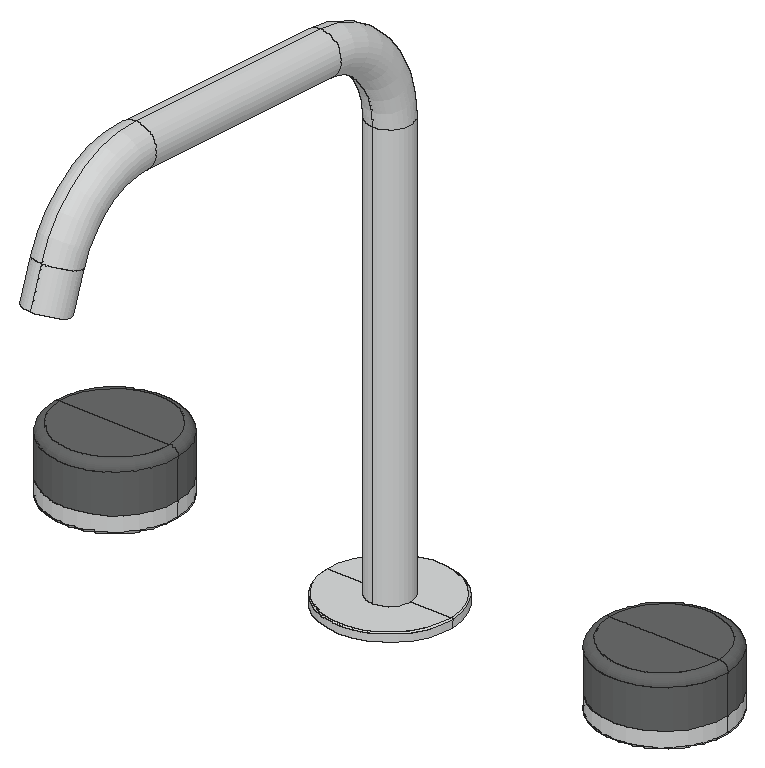
Revit family "TapSet_Hob_Nero_Serenity_EdgeSpout_Bath_Kitchen", category Plumbing Fixtures, Revit 2024
Family settings
  Round Connector Dimension = Use Diameter
  Part Type = Normal
  OmniClass Number = 23.31.00.00
  Work Plane-Based = No
  Enable Cutting in Views = No
  Always vertical = Yes
  Cut with Voids When Loaded = Yes
  Maintain Annotation Orientation = No
  Shared = No
  Room Calculation Point = No
Parameters (values of type "Please Load From Type Catalog")
  Uniclass2015Version = "Please Load From Type Catalog"
  Uniclass2015Title = "Please Load From Type Catalog"
  Uniclass2015Code = "Please Load From Type Catalog"
  URL = "https://nerotapware.com.au/"
  Type Comments = "Please Load From Type Catalog"
  ModifiedIssue = 20250131
  Model = "Please Load From Type Catalog"
  HandleMaterial = Stone_Marble_Nero_ArabescatoCorchia
  HW Connection = yes
  CW Connection = yes
  BodyMaterial = Metal_Chrome_Nero
  ManufacturerURLProductSpecific = "https://pleaseloadfromtypecatalog.com"
  ManufacturerSpecCode = Model  # "Please Load From Type Catalog"
  ManufacturerOverallWidth = 320 mm  # constant formula
  ManufacturerOverallHeight = 270 mm  # constant formula
  ManufacturerOverallDepth = 242.5 mm  # constant formula
  ManufacturerHeightFromFFL [instance] = 900 mm
  Manufacturer = "Nero"
  IfcExportType = "Please Load From Type Catalog"
  IfcExportAs = "Please Load From Type Catalog"
  Description = "Please Load From Type Catalog"
  Default Elevation = 0 mm
  CreatedByURL = "https://igsgroup.com.au"
  CreatedBy = "IGS BIM Solutions"  # constant formula
  Assembly Code = "D2010\r\n"
Reference planes
  plane 1 "TapCenter (Front/Back)": y = 90
  plane 2 "Ref. Level": z = 0
  plane 3 "Center (Left/Right)": x = 0
  plane 4 "Bottom": z = 900
  plane 5 "Right": x = 160
  plane 6 "Back": y = 120
  plane 7 "Top": z = 1170
  plane 8 "Center L/BB": y = -122.5
  plane 9 "Left": x = -160
Forms (mm)
  Revolve 1, solid, material "Stone_Marble_Nero_ArabescatoCorchia" <- "HandleMaterial"
    sketch origin (0, 90, 0) x (1, 0, 0) y (0, 0, 1)
      loop
        line (130, 930.5) -> (104, 930.5)
        arc (104, 930.5) -> (101.172, 929.328) -> (100, 926.5) r 4
        line (100, 926.5) -> (100, 908) -> (130, 908) -> (130, 930.5)
      axis (130, 908) -> (130, 930.5)
    angle from 0 to 360
  Revolve 2, solid, material "Metal_Chrome_Nero" <- "BodyMaterial"
    sketch origin (0, 90, 0) x (1, 0, 0) y (0, 0, 1)
      loop
        line (0, 904) -> (-29.382, 904) -> (-30, 903.382) -> (-30, 900) -> (0, 900) -> (0, 904)
      axis (0, 904) -> (0, 900)
    angle from 0 to 360
  Extrusion 3, void
    sketch origin (0, 0, 900) x (0, -1, 0) y (1, 0, 0)
      loop
        circle (-90, 130) r 15
      loop
        circle (-90, -130) r 15
    from 0 to -30
  Sweep 4, solid, material "Metal_Chrome_Nero" <- "BodyMaterial"
    path origin (0, 3040, -140.962) x (0, 0, -1) y (0, 1, 0)
      loop
        line (-1044.962, -2940) -> (-1246.958, -2940)
        arc (-1246.958, -2940) -> (-1284.225, -2954.55) -> (-1301.774, -2990.502) r 55
        line (-1301.774, -2990.502) -> (-1310.737, -3099.731)
        arc (-1310.737, -3099.731) -> (-1302.291, -3133.807) -> (-1274.951, -3155.832) r 55
        line (-1274.951, -3155.832) -> (-1257.394, -3162.306)
    profile origin (0, 100, 1004.998) x (0, -1, 0) y (1, 0, 0)
      loop
        circle (10, 0) r 10
  Revolve 5, solid, material "Stone_Marble_Nero_ArabescatoCorchia" <- "HandleMaterial"
    sketch origin (0, 90, 0) x (-1, 0, 0) y (0, 0, -1)
      loop
        line (130, -930.5) -> (130, -908) -> (100, -908) -> (100, -926.5)
        arc (100, -926.5) -> (101.172, -929.328) -> (104, -930.5) r 4
        line (104, -930.5) -> (130, -930.5)
      axis (130, -908) -> (130, -930.5)
    angle from 0 to 360
  Revolve 6, solid, material "Metal_Chrome_Nero" <- "BodyMaterial"
    sketch origin (0, 90, 0) x (1, 0, 0) y (0, 0, 1)
      loop
        line (100.5, 900.5) -> (106.633, 900.5) -> (107.25, 900) -> (130, 900) -> (130, 908) -> (100, 908) -> (100, 901)
        arc (100, 901) -> (100.146, 900.646) -> (100.5, 900.5) r 0.5
      axis (130, 900) -> (130, 908)
    angle from 0 to 360
  Revolve 7, solid, material "Metal_Chrome_Nero" <- "BodyMaterial"
    sketch origin (0, 90, 0) x (-1, 0, 0) y (0, 0, -1)
      loop
        arc (100.5, -900.5) -> (100.146, -900.646) -> (100, -901) r 0.5
        line (100, -901) -> (100, -908) -> (130, -908) -> (130, -900) -> (107.25, -900) -> (106.633, -900.5) -> (100.5, -900.5)
      axis (130, -900) -> (130, -908)
    angle from 0 to 360
Cuts and joins
  joined: Revolve 2, Sweep 4
Lines and regions (mm)
  Masking region 1
    outline origin (0, 0, 1170) x (0, -1, 0) y (1, 0, 0)
      loop
        arc (-61.716, 10) -> (-120, 0) -> (-61.716, -10) r 30
        line (-61.716, -10) -> (112.306, -10)
        arc (112.306, -10) -> (122.306, 0) -> (112.306, 10) r 10
        line (112.306, 10) -> (-61.716, 10)
      loop
        circle (-90, 130) r 30
      loop
        circle (-90, -130) r 30
  symbolic lines, style "Taps/Mixers", detail levels medium+fine
    curve 1: arc (-10, 62.353, 1170) -> (0, 119.4, 1170) -> (10, 62.353, 1170) r 29.4
    curve 2: arc (-10, 90, 1170) -> (0, 100, 1170) -> (10, 90, 1170) r 10
    curve 3: line (-10, 90, 1170) -> (-10, 40, 1170)
    curve 4: line (10, 90, 1170) -> (10, 40, 1170)
Text (mm)
  text "Disclaimer:\nDue to ongoing product development and manufacturing \nevolution, product details are subject to change without \nnotice. Please refer to product technical data sheets on \nthe manufacturers website for the most current product \ninformation. Please allow a +/- 5mm manufacturing \ntolerance for dimensions and set-outs shown in product \nliterature." at (479.049, 199.695, 0), in view "Ref. Level"
Dimensions and locks
  "ManufacturerHeightFromFFL": plane 4 "Bottom" to plane 2 "Ref. Level"
  locked: plane 1 "TapCenter (Front/Back)" to plane 6 "Back" at 30
  "ManufacturerOverallDepth": plane 8 "Center L/BB" to plane 6 "Back"
  equal spacing: plane 9 "Left", plane 3 "Center (Left/Right)", plane 5 "Right"
  "ManufacturerOverallWidth": plane 9 "Left" to plane 5 "Right"
  "ManufacturerOverallHeight": plane 7 "Top" to plane 4 "Bottom"
  aligned and locked: level to plane 2 "Ref. Level"
  aligned and locked: Revolve 2 sketch curve to plane 3 "Center (Left/Right)"
  aligned and locked: Sweep 4 sketch curve to Revolve 2
Automatic sketch dimensions
  Revolve 1 sketch curve to Revolve 1 sketch curve = 4 mm
  Revolve 1 sketch curve to Revolve 1 sketch curve = 18.5 mm
  Revolve 1 sketch curve to Revolve 1 sketch curve = 0 mm
  Revolve 1 sketch curve to Revolve 1 sketch curve = 0.5 mm
  Revolve 1 sketch curve to Revolve 1 sketch curve = 1.616 mm
  Revolve 2 sketch curve to plane 4 "Bottom" = 0 mm  (x2)
  Revolve 2 sketch curve to plane 3 "Center (Left/Right)" = 0 mm
  Revolve 2 sketch curve to plane 4 "Bottom" = 4 mm
  Revolve 2 sketch curve to plane 3 "Center (Left/Right)" = 29.382 mm
  Revolve 2 sketch curve to Revolve 2 sketch curve = 0.618 mm  (x2)
  Revolve 2 sketch curve to Revolve 2 sketch curve = 1 mm
  Sweep 4 sketch curve to plane 1 "TapCenter (Front/Back)" = 10 mm
  plane 7 "Top" to Sweep 4 sketch curve = 64.004 mm
  plane 7 "Top" to Sweep 4 sketch curve = 55.041 mm
  Sweep 4 sketch curve to plane 8 "Center L/BB" = 6.668 mm
  plane 7 "Top" to Sweep 4 sketch curve = 36.011 mm
  plane 7 "Top" to Sweep 4 sketch curve = 9.188 mm
  plane 7 "Top" to Sweep 4 sketch curve = 0.225 mm
  Sweep 4 sketch curve to Sweep 4 sketch curve = 51.603 mm
  plane 1 "TapCenter (Front/Back)" to Sweep 4 sketch curve = 45 mm
  Sweep 4 sketch curve to plane 8 "Center L/BB" = 0.194 mm
  Sweep 4 sketch curve to Sweep 4 sketch curve = 17.557 mm
  Sweep 4 sketch curve to profile plane = 0 mm
  Sweep 4 sketch curve to profile plane = 10 mm
  curve 1 to curve 2 = 0 mm  (x2)
  plane 1 "TapCenter (Front/Back)" to curve 1 = 0 mm
  curve 2 to plane 3 "Center (Left/Right)" = 0 mm
  curve 3 to plane 3 "Center (Left/Right)" = 10 mm
  curve 2 to curve 1 = 27.647 mm
  curve 1 to curve 4 = 22.353 mm
  curve 3 to curve 4 = 0 mm
  Revolve 5 sketch curve to plane 4 "Bottom" = 26.5 mm
  Revolve 5 sketch curve to Revolve 5 sketch curve = 4 mm
  Revolve 5 sketch curve to Revolve 5 sketch curve = 0 mm
  Revolve 5 sketch curve to Revolve 5 sketch curve = 0.5 mm
  Revolve 5 sketch curve to Revolve 5 sketch curve = 1.616 mm
  plane 1 "TapCenter (Front/Back)" to Extrusion 3 sketch curve = 0 mm  (x2)
  Extrusion 3 sketch curve to plane 3 "Center (Left/Right)" = 130 mm
  Extrusion 3 sketch curve to plane 5 "Right" = 30 mm
  plane 1 "TapCenter (Front/Back)" to Masking region 1 sketch curve = 0 mm  (x3)
  Masking region 1 sketch curve to plane 3 "Center (Left/Right)" = 0 mm  (x2)
  Masking region 1 sketch curve to plane 3 "Center (Left/Right)" = 10 mm
  plane 1 "TapCenter (Front/Back)" to Masking region 1 sketch curve = 28.284 mm
  Masking region 1 sketch curve to plane 8 "Center L/BB" = 10.194 mm
  Masking region 1 sketch curve to plane 9 "Left" = 30 mm
  Masking region 1 sketch curve to plane 5 "Right" = 30 mm
  Revolve 7 sketch curve to plane 4 "Bottom" = 0 mm
  Revolve 7 sketch curve to plane 4 "Bottom" = 1 mm
  Revolve 7 sketch curve to Revolve 7 sketch curve = 0.5 mm
  Revolve 7 sketch curve to Revolve 7 sketch curve = 6.133 mm
  Revolve 7 sketch curve to Revolve 7 sketch curve = 0.617 mm
  Revolve 7 sketch curve to Revolve 7 sketch curve = 22.75 mm
  Revolve 7 sketch curve to Revolve 7 sketch curve = 1.616 mm
  Revolve 7 sketch curve to plane 9 "Left" = 60 mm
  Revolve 7 sketch curve to Revolve 7 sketch curve = 7 mm
  Revolve 7 sketch curve to Revolve 7 sketch curve = 0 mm
  Revolve 7 sketch curve to Revolve 7 sketch curve = 23 mm
  Revolve 5 sketch curve to plane 9 "Left" = 30 mm
  Revolve 5 sketch curve to Revolve 5 sketch curve = 26 mm
  Revolve 5 sketch curve to plane 4 "Bottom" = 8 mm
  Revolve 6 sketch curve to plane 4 "Bottom" = 0 mm
  Revolve 6 sketch curve to plane 4 "Bottom" = 1 mm
  Revolve 6 sketch curve to Revolve 6 sketch curve = 0.5 mm
  Revolve 6 sketch curve to Revolve 6 sketch curve = 6.133 mm
  Revolve 6 sketch curve to Revolve 6 sketch curve = 0.617 mm
  Revolve 6 sketch curve to Revolve 6 sketch curve = 22.75 mm
  Revolve 6 sketch curve to plane 4 "Bottom" = 8 mm
  Revolve 6 sketch curve to Revolve 6 sketch curve = 1.616 mm
  Revolve 6 sketch curve to Revolve 6 sketch curve = 0 mm
  Revolve 6 sketch curve to plane 5 "Right" = 60 mm
  Revolve 6 sketch curve to Revolve 6 sketch curve = 23 mm
  Revolve 1 sketch curve to plane 5 "Right" = 30 mm
  Revolve 1 sketch curve to Revolve 1 sketch curve = 26 mm
  Revolve 1 sketch curve to plane 4 "Bottom" = 8 mm
  radius of Sweep 4 sketch curve = 10 mm
  radius of Extrusion 3 sketch curve = 15 mm  (x2)
  radius of Masking region 1 sketch curve = 30 mm  (x2)
Connectors
  piping at (-130, 90, 900), diameter 12.7, driven by "HW Connection"
    settings: on Revolve 7, index 1, connector inside diameter 609.6 mm, connector length 0 mm, flow factor 0, pipe flow 0.0 L/s, pressure drop 0.0 Pa, fitting loss kfactor 0, connector angle 0.00°, fixture units 0, engagement length 0 mm, angle of deflection 0.00°, flow configuration 2, flow direction 1, fitting loss method 4, system type 19, joint type 0, gender type 0, connector reference index -1, connector utility 1, adjustable connector no, is connector primary yes, connector description "Hot Water Supply"
  piping at (130, 90, 900), diameter 12.7, driven by "CW Connection"
    settings: on Revolve 6, index 2, connector inside diameter 609.6 mm, connector length 0 mm, flow factor 0, pipe flow 0.0 L/s, pressure drop 0.0 Pa, fitting loss kfactor 0, connector angle 0.00°, fixture units 0, engagement length 0 mm, angle of deflection 0.00°, flow configuration 2, flow direction 1, fitting loss method 4, system type 20, joint type 0, gender type 0, connector reference index -1, connector utility 1, adjustable connector no, is connector primary no, connector description "Cold Water Supply"
